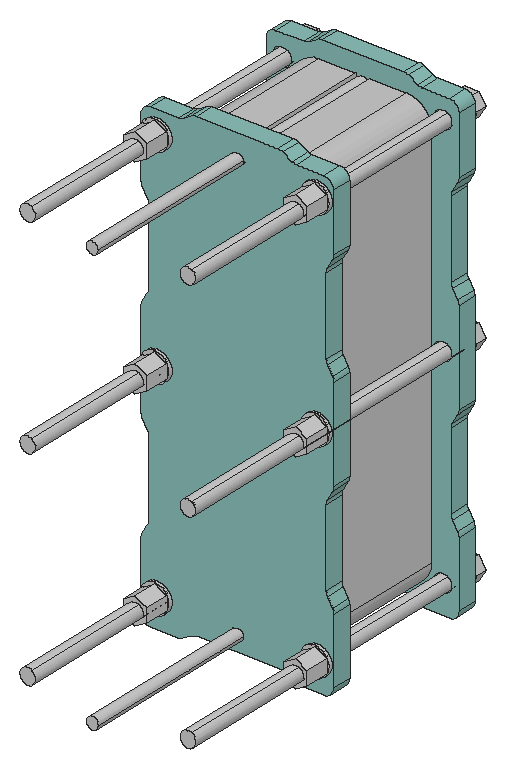
Revit family "Ekin_Endüstriyel - MIT504", category Specialty Equipment, Revit 2022 (continued)
Automatic sketch dimensions
  plane 6 "2" to Revolve 22 sketch curve = 0.00 mm
  Revolve 22 sketch curve to plane 4 = 1211.74 mm
  Revolve 22 sketch curve to Revolve 22 sketch curve = 1.636 mm
  Revolve 22 sketch curve to Revolve 22 sketch curve = 3.825 mm
  Revolve 22 sketch curve to plane 6 "2" = 11.40 mm
  Revolve 22 sketch curve to Revolve 22 sketch curve = 12.107 mm
  Revolve 22 sketch curve to Revolve 22 sketch curve = 15.74 mm
  plane 6 "2" to Revolve 23 sketch curve = 0.00 mm
  Revolve 23 sketch curve to plane 4 = 1108.26 mm
  Revolve 23 sketch curve to Revolve 23 sketch curve = 1.636 mm
  Revolve 23 sketch curve to Revolve 23 sketch curve = 3.825 mm
  Revolve 23 sketch curve to Revolve 23 sketch curve = 15.74 mm
  Revolve 23 sketch curve to plane 6 "2" = 11.40 mm
  Revolve 23 sketch curve to Revolve 23 sketch curve = 12.107 mm
  plane 6 "2" to Revolve 24 sketch curve = 0.00 mm
  Revolve 24 sketch curve to plane 4 = 1211.74 mm
  Revolve 24 sketch curve to Revolve 24 sketch curve = 1.636 mm
  Revolve 24 sketch curve to Revolve 24 sketch curve = 3.825 mm
  Revolve 24 sketch curve to Revolve 24 sketch curve = 15.74 mm
  Revolve 24 sketch curve to Revolve 24 sketch curve = 12.107 mm
  Revolve 24 sketch curve to plane 6 "2" = 11.40 mm
  plane 5 to Extrusion 25 sketch curve = 1000.00 mm  (x2)
  plane 5 to Extrusion 25 sketch curve = 964.00 mm  (x2)
  plane 5 to Extrusion 25 sketch curve = 1036.00 mm  (x2)
  plane 5 to Extrusion 25 sketch curve = 1083.00 mm
  level to Extrusion 25 sketch curve = 24.50 mm
  Extrusion 25 sketch curve to Extrusion 25 sketch curve = 29.50 mm  (x3)
  Extrusion 25 sketch curve to Extrusion 25 sketch curve = 0.00 mm  (x2)
  Extrusion 25 sketch curve to Extrusion 25 sketch curve = 24.00 mm  (x2)
  plane 5 to Extrusion 25 sketch curve = 994.00 mm  (x2)
  plane 5 to Extrusion 25 sketch curve = 985.25 mm  (x2)
  Extrusion 25 sketch curve to Extrusion 25 sketch curve = 9.50 mm  (x6)
  plane 5 to Extrusion 25 sketch curve = 1014.75 mm  (x2)
  plane 5 to Extrusion 27 sketch curve = 1000.00 mm  (x2)
  plane 5 to Extrusion 27 sketch curve = 1007.25 mm  (x2)
  Extrusion 27 sketch curve to Extrusion 27 sketch curve = 63.25 mm  (x2)
  level to Extrusion 27 sketch curve = 18.50 mm  (x2)
  Extrusion 27 sketch curve to Extrusion 27 sketch curve = 6.50 mm  (x2)
  Extrusion 28 sketch curve to Extrusion 28 sketch curve = 0.00 mm  (x4)
  plane 5 to Extrusion 28 sketch curve = 1000.00 mm  (x2)
  level to Extrusion 28 sketch curve = 24.50 mm
  Extrusion 28 sketch curve to Extrusion 28 sketch curve = 441.00 mm
  plane 5 to Extrusion 28 sketch curve = 994.00 mm  (x2)
  Extrusion 29 sketch curve to Extrusion 29 sketch curve = 0.00 mm  (x14)
  plane 5 to Extrusion 29 sketch curve = 917.00 mm  (x3)
  level to Extrusion 29 sketch curve = 30.00 mm  (x2)
  plane 5 to Extrusion 29 sketch curve = 1083.00 mm  (x3)
  Extrusion 29 sketch curve to Extrusion 29 sketch curve = 215.00 mm  (x2)
  Extrusion 29 sketch curve to Extrusion 29 sketch curve = 4.073 mm  (x12)
  Extrusion 29 sketch curve to Extrusion 29 sketch curve = 6.886 mm  (x6)
  Extrusion 14 sketch curve to plane 4 = 1098.464 mm
  Extrusion 14 sketch curve to Extrusion 14 sketch curve = 7.50 mm
  Extrusion 14 sketch curve to Extrusion 14 sketch curve = 426.00 mm
  Extrusion 14 sketch curve to Extrusion 14 sketch curve = 227.00 mm
  plane 9 "Bolt End" to Revolve 23 sketch curve = 16.24 mm
  plane 9 "Bolt End" to Revolve 24 sketch curve = 16.24 mm
  plane 9 "Bolt End" to Revolve 20 sketch curve = 16.24 mm
  plane 9 "Bolt End" to Revolve 22 sketch curve = 16.24 mm
  Extrusion 16 sketch curve to plane 4 = 1089.50 mm
  Extrusion 16 sketch curve to Extrusion 16 sketch curve = 25.00 mm  (x8)
  level to Extrusion 16 sketch curve = 18.50 mm
  Extrusion 16 sketch curve to Extrusion 16 sketch curve = 38.25 mm  (x4)
  Extrusion 16 sketch curve to Extrusion 16 sketch curve = 7.25 mm  (x2)
  Extrusion 16 sketch curve to Extrusion 16 sketch curve = 0.00 mm
  Extrusion 16 sketch curve to Extrusion 16 sketch curve = 6.50 mm  (x2)
  Extrusion 16 sketch curve to Extrusion 16 sketch curve = 403.00 mm
  Extrusion 27 sketch curve to Extrusion 27 sketch curve = 0.00 mm
  Extrusion 27 sketch curve to Extrusion 27 sketch curve = 453.00 mm
  Extrusion 25 sketch curve to Extrusion 25 sketch curve = 25.75 mm  (x3)
  Extrusion 25 sketch curve to Extrusion 25 sketch curve = 30.00 mm  (x2)
  Extrusion 25 sketch curve to Extrusion 25 sketch curve = 245.00 mm
  Extrusion 25 sketch curve to Extrusion 25 sketch curve = 7.50 mm  (x3)
  Extrusion 25 sketch curve to Extrusion 25 sketch curve = 191.00 mm
  Extrusion 25 sketch curve to Extrusion 25 sketch curve = 17.00 mm
  level to Extrusion 25 sketch curve = 30.00 mm
  level to Extrusion 25 sketch curve = 0.00 mm
  Extrusion 30 sketch curve to Extrusion 25 = 64.00 mm  (x2)
  Extrusion 30 sketch curve to Extrusion 25 = 54.004 mm  (x2)
  Extrusion 30 sketch curve to Extrusion 30 sketch curve = 21.201 mm  (x4)
  Extrusion 30 sketch curve to Extrusion 30 sketch curve = 50.799 mm  (x2)
  Extrusion 30 sketch curve to Extrusion 30 sketch curve = 0.00 mm  (x4)
  Extrusion 26 sketch curve to level = 0.00 mm
  plane 5 to Extrusion 26 sketch curve = 1000.00 mm  (x2)
  plane 5 to Extrusion 26 sketch curve = 1083.00 mm
  Extrusion 26 sketch curve to Extrusion 26 sketch curve = 17.00 mm  (x4)
  plane 5 to Extrusion 26 sketch curve = 917.00 mm
  level to Extrusion 26 sketch curve = 24.50 mm
  level to Extrusion 26 sketch curve = 30.00 mm  (x2)
  Extrusion 26 sketch curve to Extrusion 26 sketch curve = 0.00 mm  (x11)
  Extrusion 26 sketch curve to Extrusion 26 sketch curve = 30.00 mm
  Extrusion 26 sketch curve to Extrusion 26 sketch curve = 6.00 mm  (x2)
  Extrusion 26 sketch curve to Extrusion 26 sketch curve = 9.50 mm  (x6)
  Extrusion 26 sketch curve to Extrusion 26 sketch curve = 215.00 mm  (x2)
  Extrusion 26 sketch curve to Extrusion 26 sketch curve = 5.50 mm
  Extrusion 26 sketch curve to Extrusion 26 sketch curve = 94.00 mm
  Extrusion 26 sketch curve to Extrusion 26 sketch curve = 77.00 mm
  Extrusion 15 sketch curve to Extrusion 15 sketch curve = 30.00 mm
  Extrusion 15 sketch curve to plane 4 = 1060.00 mm
  Extrusion 15 sketch curve to Extrusion 15 sketch curve = 17.00 mm
  Extrusion 15 sketch curve to Extrusion 15 sketch curve = 235.00 mm
  Extrusion 15 sketch curve to Extrusion 15 sketch curve = 7.50 mm
  Extrusion 15 sketch curve to Extrusion 15 sketch curve = 215.00 mm
  Extrusion 15 sketch curve to Extrusion 15 sketch curve = 22.00 mm
  Revolve 9 sketch curve to plane 7 "1" = 0.00 mm
  radius of Extrusion 2 to Extrusion 8 sketch curve = 5.50 mm  (x6)
Connectors
  piping at (36, 34.94, 435.996), diameter 31.75
    settings: on Extrusion 30, index 1, connector inside diameter 609.6 mm, connector length 0.00 mm, flow factor 0, pipe flow 0.0 L/s, pressure drop 0 bar, fitting loss kfactor 0, connector angle 0.00°, fixture units 0, engagement length 0.00 mm, angle of deflection 0.00°, flow configuration 0, flow direction 1, fitting loss method 0, system type 7, joint type 0, gender type 0, connector reference index -1, connector utility 0, adjustable connector no, is connector primary yes, connector description ""
  piping at (-36, 34.94, 435.996), diameter 31.75
    settings: on Extrusion 30, index 2, connector inside diameter 609.6 mm, connector length 0.00 mm, flow factor 0, pipe flow 0.0 L/s, pressure drop 0 bar, fitting loss kfactor 0, connector angle 0.00°, fixture units 0, engagement length 0.00 mm, angle of deflection 0.00°, flow configuration 0, flow direction 2, fitting loss method 0, system type 7, joint type 0, gender type 0, connector reference index -1, connector utility 0, adjustable connector no, is connector primary no, connector description ""
  piping at (-36, 34.94, 54.004), diameter 31.75
    settings: on Extrusion 30, index 3, connector inside diameter 609.6 mm, connector length 0.00 mm, flow factor 0, pipe flow 0.0 L/s, pressure drop 0 bar, fitting loss kfactor 0, connector angle 0.00°, fixture units 0, engagement length 0.00 mm, angle of deflection 0.00°, flow configuration 0, flow direction 1, fitting loss method 0, system type 7, joint type 0, gender type 0, connector reference index -1, connector utility 0, adjustable connector no, is connector primary no, connector description ""
  piping at (36, 34.94, 54.004), diameter 31.75
    settings: on Extrusion 30, index 4, connector inside diameter 609.6 mm, connector length 0.00 mm, flow factor 0, pipe flow 0.0 L/s, pressure drop 0 bar, fitting loss kfactor 0, connector angle 0.00°, fixture units 0, engagement length 0.00 mm, angle of deflection 0.00°, flow configuration 0, flow direction 2, fitting loss method 0, system type 7, joint type 0, gender type 0, connector reference index -1, connector utility 0, adjustable connector no, is connector primary no, connector description ""
